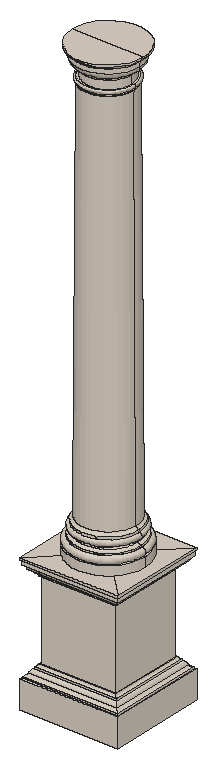
Revit family
Parameters (values of type "Base 650 x 650")
  Width = 65 cm
  Material = Masonry - Stone
  Manufacturer = "Revit"
  Keynote = "F"
  Depth = 65 cm
Reference planes (cm)
  plane 1 "Centro A/I": y = 0
  plane 2: z = 0
  plane 3 "Centro S/D": x = -0.8378
  plane 4 "Sinistra": x = -33.3378
  plane 5 "Destra": x = 31.6622
  plane 6 "Indietro": y = 32.5
  plane 7 "Avanti": y = -32.5
  plane 8: z = 148
  plane 9: z = 490
  plane 10: y = 0
Forms (cm)
  Sweep 1, solid, material "Masonry - Stone" <- "Material"
    path origin (0, 0, 0) x (1, 0, 0) y (0, 1, 0)
      loop
        line (31.6622, -32.5) -> (31.6622, 32.5) -> (-33.3378, 32.5) -> (-33.3378, -32.5) -> (31.6622, -32.5)
    profile origin (0, 0, 0) x (-1, 0, 0) y (0, 0, 1)
      loop
        line (-1.6622, 0) -> (-1.6622, 119.6816) -> (-42.1622, 119.6816) -> (-42.1622, 117.6816) -> (-41.1622, 117.6816) -> (-41.1622, 113.6738) -> (-38.9043, 113.6738) -> (-38.9043, 112.1738)
        arc (-38.9043, 112.1738) -> (-37.8083, 109.5276) -> (-35.1622, 108.4316) r 3.7422
        line (-35.1622, 108.4316) -> (-35.1622, 106.9316)
        arc (-35.1622, 106.9316) -> (-33.2941, 106.5497) -> (-32.9122, 104.6816) r 1.7298
        line (-32.9122, 104.6816) -> (-31.6622, 104.6816) -> (-31.6622, 35.1816) -> (-32.9122, 35.1816)
        arc (-32.9122, 35.1816) -> (-33.5712, 33.5906) -> (-35.1622, 32.9316) r 2.25
        line (-35.1622, 32.9316) -> (-35.1622, 31.6816)
        arc (-35.1622, 31.6816) -> (-37.0914, 30.415) -> (-38.0772, 28.3283) r 4.2611
        arc (-38.0772, 28.3283) -> (-39.2426, 26.8318) -> (-40.9122, 25.9316) r 4.607
        line (-40.9122, 25.9316) -> (-40.9122, 24.6816) -> (-42.1622, 24.6816) -> (-42.1622, 0) -> (-1.6622, 0)
  Revolve 2, solid, material "Masonry - Stone" <- "Material"
    sketch origin (0, 0, 0) x (1, 0, 0) y (0, 0, 1)
      loop
        line (-0.8378, 149.5) -> (-0.8378, 119.6816) -> (31.6622, 119.6816) -> (31.6622, 127.6816) -> (28.5372, 127.6816)
        arc (28.5372, 127.6816) -> (31.6622, 130.8066) -> (28.5372, 133.9316) r 3.125
        line (28.5372, 133.9316) -> (28.0372, 133.9316) -> (28.0372, 135.1816)
        arc (28.0372, 135.1816) -> (26.1753, 135.6039) -> (24.655, 136.7587) r 4.5094
        arc (24.655, 136.7587) -> (24.5472, 138.2695) -> (25.9095, 138.9316) r 1.3515
        line (25.9095, 138.9316) -> (25.9095, 140.07)
        arc (25.9095, 140.07) -> (28.2153, 142.3758) -> (25.9095, 144.6816) r 2.3058
        line (25.9095, 144.6816) -> (25.9095, 146.6816)
        arc (25.9095, 146.6816) -> (23.9166, 147.5071) -> (23.0911, 149.5) r 2.8184
        line (23.0911, 149.5) -> (-0.8378, 149.5)
      axis (-0.8378, 149.5) -> (-0.8378, 119.6816)
    angle from 0 to 360
  Blend 3, solid, material "Masonry - Stone" <- "Material"
    base sketch origin (0, 0, 0) x (1, 0, 0) y (0, 1, 0)
      loop
        circle (-0.8378, 0) r 24.323
    top sketch origin (0, 0, 0) x (1, 0, 0) y (0, 1, 0)
      loop
        circle (-0.8378, 0) r 22.5092
    from 149.5 to 490
  Revolve 4, solid, material "Masonry - Stone" <- "Material"
    sketch origin (0, 0, 0) x (1, 0, 0) y (0, 0, 1)
      loop
        line (-0.8378, 490.9316) -> (21.6622, 490.9316) -> (21.6622, 492.2068)
        arc (21.6622, 492.2068) -> (22.8995, 493.4442) -> (21.6622, 494.6816) r 1.2374
        line (21.6622, 494.6816) -> (19.4122, 494.6816) -> (19.4122, 502.6816) -> (20.6622, 502.6816)
        arc (20.6622, 502.6816) -> (21.1691, 503.7473) -> (22.1306, 504.4316) r 2.3469
        line (22.1306, 504.4316) -> (22.1306, 505.4278)
        arc (22.1306, 505.4278) -> (25.5495, 507.3074) -> (26.6772, 511.0425) r 5.163
        line (26.6772, 511.0425) -> (27.1898, 511.0425) -> (27.1898, 515.4316) -> (27.6622, 515.4316)
        arc (27.6622, 515.4316) -> (28.0898, 516.3877) -> (28.9571, 516.9749) r 1.9115
        arc (28.9571, 516.9749) -> (29.4438, 517.51) -> (29.6639, 518.1991) r 1.7002
        line (29.6639, 518.1991) -> (30.6157, 518.1991) -> (30.6157, 519.6816) -> (-0.8378, 519.6816) -> (-0.8378, 490.9316)
      axis (-0.8378, 519.6816) -> (-0.8378, 490.9316)
    angle from 0 to 360
Lines and regions (cm)
  symbolic lines
    curve 1: line (-0.8378, 0, 0) -> (-0.8378, 0, 640)
Dimensions and locks (cm)
  equal spacing: plane 4 "Sinistra", plane 3 "Centro S/D", plane 5 "Destra"
  equal spacing: plane 7 "Avanti", plane 1 "Centro A/I", plane 6 "Indietro"
  "Width": plane 4 "Sinistra" to plane 5 "Destra"
  "Depth": plane 7 "Avanti" to plane 6 "Indietro"
  aligned and locked: level to Blend 3
Automatic sketch dimensions
  Sweep 1 sketch curve to plane 4 "Sinistra" = 0 cm
  Sweep 1 sketch curve to plane 5 "Destra" = 0 cm
  Sweep 1 sketch curve to plane 7 "Avanti" = 0 cm
  Sweep 1 sketch curve to plane 6 "Indietro" = 0 cm
  Sweep 1 sketch curve to profile plane = 0 cm
  Sweep 1 sketch curve to Sweep 1 sketch curve = 1.25 cm  (x4)
  profile plane to Sweep 1 sketch curve = 2.2133 cm
  Sweep 1 sketch curve to Sweep 1 sketch curve = 1.6051 cm
  Sweep 1 sketch curve to Sweep 1 sketch curve = 2.25 cm
  Sweep 1 sketch curve to Sweep 1 sketch curve = 0.6449 cm  (x2)
  Sweep 1 sketch curve to Sweep 1 sketch curve = 4.2017 cm
  Sweep 1 sketch curve to Sweep 1 sketch curve = 3.7422 cm
  Sweep 1 sketch curve to Sweep 1 sketch curve = 2.8349 cm
  Sweep 1 sketch curve to Sweep 1 sketch curve = 2.2578 cm
  Sweep 1 sketch curve to Sweep 1 sketch curve = 1 cm
  profile plane to Sweep 1 sketch curve = 10.5 cm
  Sweep 1 sketch curve to Sweep 1 sketch curve = 1.3048 cm
  Sweep 1 sketch curve to profile plane = 30 cm
  Sweep 1 sketch curve to Sweep 1 sketch curve = 24.6816 cm
  Sweep 1 sketch curve to Sweep 1 sketch curve = 1.6878 cm
  Sweep 1 sketch curve to Sweep 1 sketch curve = 2.3967 cm
  Sweep 1 sketch curve to Sweep 1 sketch curve = 69.5 cm
  Sweep 1 sketch curve to Sweep 1 sketch curve = 1.5 cm  (x2)
  Sweep 1 sketch curve to Sweep 1 sketch curve = 4.0078 cm
  Sweep 1 sketch curve to Sweep 1 sketch curve = 2 cm
  curve 1 to plane 3 "Centro S/D" = 0 cm
  curve 1 to level = 0 cm
  level to curve 1 = 150 cm
  Revolve 2 sketch curve to plane 3 "Centro S/D" = 0 cm  (x2)
  Revolve 2 sketch curve to plane 5 "Destra" = 0 cm
  Revolve 2 sketch curve to plane 8 = 1.5 cm
  plane 5 "Destra" to Revolve 2 sketch curve = 7.0072 cm
  Revolve 2 sketch curve to Revolve 2 sketch curve = 1.0626 cm
  Revolve 2 sketch curve to Revolve 2 sketch curve = 0.1919 cm
  Revolve 2 sketch curve to Revolve 2 sketch curve = 2.8184 cm
  Revolve 2 sketch curve to Revolve 2 sketch curve = 2.3195 cm
  Revolve 2 sketch curve to Revolve 2 sketch curve = 2.1715 cm
  Revolve 2 sketch curve to Revolve 2 sketch curve = 0.5 cm
  Revolve 2 sketch curve to Revolve 2 sketch curve = 2 cm
  Revolve 2 sketch curve to Revolve 2 sketch curve = 2.3058 cm
  Revolve 2 sketch curve to Revolve 2 sketch curve = 0.3793 cm
  Revolve 2 sketch curve to Revolve 2 sketch curve = 1.1384 cm
  Revolve 2 sketch curve to Revolve 2 sketch curve = 1.3378 cm
  Revolve 2 sketch curve to Revolve 2 sketch curve = 1.25 cm
  Revolve 2 sketch curve to Revolve 2 sketch curve = 3.125 cm
  plane 8 to Revolve 2 sketch curve = 28.3184 cm
  Revolve 2 sketch curve to Revolve 2 sketch curve = 8 cm
  Revolve 2 sketch curve to Revolve 2 sketch curve = 0 cm
  Blend 3 sketch curve to plane 1 "Centro A/I" = 0 cm  (x2)
  Blend 3 sketch curve to plane 3 "Centro S/D" = 0 cm  (x2)
  Blend 3 sketch curve to plane 4 "Sinistra" = 8.177 cm
  Blend 3 sketch curve to plane 4 "Sinistra" = 9.9908 cm
  Revolve 4 sketch curve to plane 3 "Centro S/D" = 0 cm  (x2)
  plane 5 "Destra" to Revolve 4 sketch curve = 12.25 cm
  Revolve 4 sketch curve to Revolve 4 sketch curve = 1.25 cm
  Revolve 4 sketch curve to Revolve 4 sketch curve = 0.875 cm
  level to Revolve 4 sketch curve = 2.2068 cm
  Revolve 4 sketch curve to Revolve 4 sketch curve = 2.25 cm
  Revolve 4 sketch curve to Revolve 4 sketch curve = 1.4684 cm
  Revolve 4 sketch curve to Revolve 4 sketch curve = 2.3047 cm
  plane 5 "Destra" to Revolve 4 sketch curve = 4.9849 cm
  Revolve 4 sketch curve to Revolve 4 sketch curve = 0.5126 cm
  Revolve 4 sketch curve to Revolve 4 sketch curve = 0.4723 cm
  Revolve 4 sketch curve to Revolve 4 sketch curve = 0.3092 cm
  Revolve 4 sketch curve to Revolve 4 sketch curve = 0.9857 cm
  Revolve 4 sketch curve to Revolve 4 sketch curve = 1.892 cm
  Revolve 4 sketch curve to Revolve 4 sketch curve = 0.7068 cm
  plane 5 "Destra" to Revolve 4 sketch curve = 1.0465 cm
  level to Revolve 4 sketch curve = 0.9316 cm
  Revolve 4 sketch curve to Revolve 4 sketch curve = 0 cm  (x2)
  Revolve 4 sketch curve to Revolve 4 sketch curve = 1.2374 cm
  Revolve 4 sketch curve to Revolve 4 sketch curve = 7.5572 cm
  Revolve 4 sketch curve to Revolve 4 sketch curve = 0.4428 cm
  Revolve 4 sketch curve to Revolve 4 sketch curve = 0.9962 cm
  Revolve 4 sketch curve to Revolve 4 sketch curve = 5.1288 cm
  Revolve 4 sketch curve to Revolve 4 sketch curve = 4.1165 cm
  Revolve 4 sketch curve to Revolve 4 sketch curve = 0.2726 cm
  Revolve 4 sketch curve to Revolve 4 sketch curve = 1.2242 cm
  Revolve 4 sketch curve to Revolve 4 sketch curve = 9.125 cm
